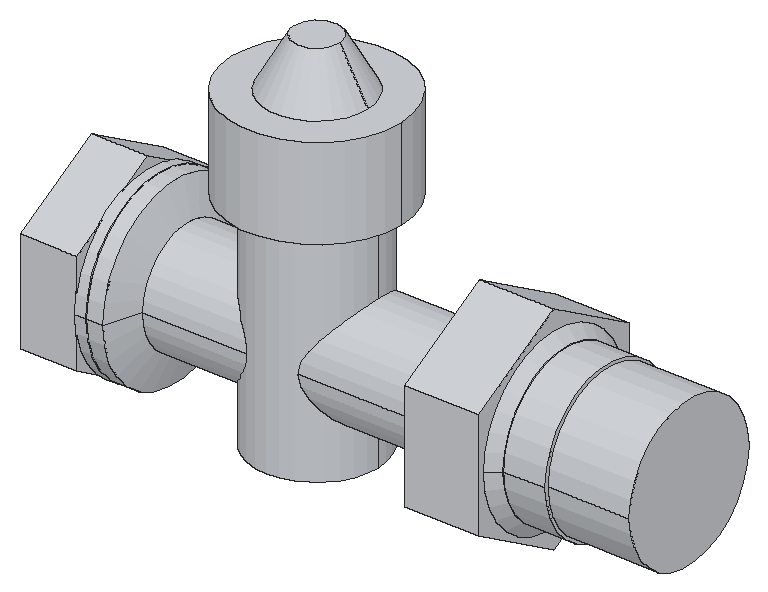
Revit family "Vario-DP_přímý_DN020_RFA_2019", category Pipe Accessories, Revit 2019
Family settings
  Round Connector Dimension = Use Diameter
  Part Type = Valve - Breaks Into
  Work Plane-Based = No
  Always vertical = Yes
  Cut with Voids When Loaded = No
  Shared = No
Parameters (values of type "Vario-DP přímý DN20")
  magiProductId = "65e4e24176f04ec8add0c08a0806a3"
  magiProductFamilyId = "9a3b6d3dc30f4d82b1fd8b50564aa5"
  magiPartTypeId = 303
  ang2D [instance] = 0.00°
  Z1 = 7 mm
  W2D = 20 mm
  VersionID = "2.0/2021.2.17.1/FRESE_RADCON_RAD_LO_SHI_S_201"
  VIS0 = no
  Use Minimum Symbol Size [instance] = no
  URL = "www.hydronix.cz"
  Type Comments = "Termostatický radiátorový ventil s integrovaným omezovačem průtoku; přímý; závitový, PN10; +0~+90°C; pracovní dp 15-70kPa; max. síla pohonu 120N; připojení hlavice: M30x1,5"
  TL__ve = -TL  # -14.5 mm
  TL = 14.5 mm
  SW_2 = no
  SW_1 = yes
  SW2_LLDONLY = and(SW2, LLDONLY)  # no
  SW2_LLDAndHLD = and(SW2, LLDAndHLD)  # no
  SW2_ENBL350 = and(SW2, ENBL350)  # no
  SW22 = no
  SW2 = no
  SW1_LLDONLY = and(SW1, LLDONLY)  # yes
  SW1_ENBL350 = and(SW1, ENBL350)  # no
  SW11 = no
  SW1 = yes
  SW = yes
  RT_1 = 16.2 mm
  RT_01 = 7.5 mm
  RT_0 = 9 mm
  RTX = 6.2 mm
  RT4 = 13.7 mm
  RT22 = 19.2 mm
  RT2 = 11 mm
  RT1 = 18.2 mm
  RT0X = 8.5 mm
  RT02 = 15.7 mm
  RT01 = 9 mm
  RT00 = 6 mm
  RT0 = 10 mm
  RT = 13.2 mm
  RR = 5 mm
  QmdConnectorList = "301;D;302;D"
  Productdata [instance] = ""
  Manufacturer = "Hydronix"
  MC Use Limits From Balancing Method = no
  MC Throttling Minimum Value = 0
  MC Throttling Maximum Value = 0
  MC Product Code = "VARIO-DP; přímý DN20; (obj.č.: 161030100); dpmin=15kPa; dpmax: 70kPa;; rozsah nastavení 20-340l/h"
  MC Pressure Drop Minimum Value = 0.0 Pa
  MC Pressure Drop Maximum Value = 0.0 Pa
  MC Enable LOD 350 = no
  MC Enable LOD 200 = no
  L_2 = 45.75 mm
  L_ = 91.5 mm
  LT = 106 mm
  LP = 9.15 mm
  LLDONLY = not(BBVIS)  # yes
  LLDAndHLD = and(or(LLDONLY, MC Enable LOD 350), not(BBVIS))  # yes
  L2D_Min = 30.48 mm
  L2D = 91.5 mm
  L22__ve = -L22  # -13 mm
  L22 = 13 mm
  L2 = 10 mm
  L1__ve = -L1  # -7.5 mm
  L1 = 7.5 mm
  L = 91.5 mm
  HS = 16.25 mm
  H = 23 mm
  ENBL350 = and(MC Enable LOD 350, not(BBVIS))  # no
  Description = "Termostatický radiátorový ventil s omezovačem max. průtoku; DN20; rozsah nastavení omezovače max. průtok: 20-340l/h"
  DT = 26.4 mm
  DS3 = 4 mm
  DS2 = 9 mm
  DS1 = 15 mm
  D = 20 mm
  CenSd_RT22_6 = RT22 * cos(30.00°)  # 16.628 mm
  CenSd_RT1_6 = RT1 * cos(30.00°)  # 15.762 mm
  CenSd_RT0X_6 = RT0X * cos(30.00°)  # 7.361 mm
  CAT0 = yes
  CAT = no
  C = 40 mm
  BZ = 48 mm
  BY = 19.2 mm
  BBVIS = MC Enable LOD 200  # no
Types (3, lengths in mm): name | magiProductId | Z1 | W2D | TL__ve | TL | RT_1 | RTX | RT4 | RT22 | RT1 | RT02 | RT | MC Product Code | L_2 | L_ | LT | LP | L2D | L | Description | DT | D | CenSd_RT22_6 | CenSd_RT1_6 | C | BY
  Vario-DP přímý DN10 | "cff3df26e6cf48da84c7a4aeae022f" | 4 | 10 | -10.1 | 10.1 | 11.35 | 1.35 | 8.85 | 14.35 | 13.35 | 12.35 | 8.35 | "VARIO-DP; přímý DN10; (obj.č.: 161010100); dpmin=15kPa; dpmax: 70kPa;; rozsah nastavení 20-340l/h" | 37.5 | 75 | 85 | 7.5 | 75 | 75 | "Termostatický radiátorový ventil s omezovačem max. průtoku; DN10; rozsah nastavení omezovače max. průtok: 20-340l/h" | 16.7 | 10 | 12.427 | 11.561 | 32 | 16
  Vario-DP přímý DN20 | "65e4e24176f04ec8add0c08a0806a3" | 7 | 20 | -14.5 | 14.5 | 16.2 | 6.2 | 13.7 | 19.2 | 18.2 | 15.7 | 13.2 | "VARIO-DP; přímý DN20; (obj.č.: 161030100); dpmin=15kPa; dpmax: 70kPa;; rozsah nastavení 20-340l/h" | 45.75 | 91.5 | 106 | 9.15 | 91.5 | 91.5 | "Termostatický radiátorový ventil s omezovačem max. průtoku; DN20; rozsah nastavení omezovače max. průtok: 20-340l/h" | 26.4 | 20 | 16.628 | 15.762 | 40 | 19.2
  Vario-DP přímý DN15 | "86c7649ae082497d8c558b15a6d69e" | 5 | 15 | -13.2 | 13.2 | 13.5 | 3.5 | 11 | 16.5 | 15.5 | 14.5 | 10.5 | "VARIO-DP; přímý DN15; (obj.č.: 161020100); dpmin=15kPa; dpmax: 70kPa;; rozsah nastavení 20-340l/h" | 40.9 | 81.8 | 95 | 8.18 | 81.8 | 81.8 | "Termostatický radiátorový ventil s omezovačem max. průtoku; DN15; rozsah nastavení omezovače max. průtok: 20-340l/h" | 21 | 15 | 14.289 | 13.423 | 36 | 16
Reference planes
  plane 1 "Center (Front/Back)": y = 0
  plane 2 "XYPLANE": z = 0
  plane 3 "Center (Left/Right)": x = 0
  plane 4 "196": z = -17
  plane 5 "195": z = -10
  plane 6 "194": x = -16.75
  plane 7 "193": x = -10.75
  plane 8 "186": x = -33.75
  plane 9 "179": y = 16.2
  plane 10 "178": y = 10
  plane 11 "177": x = -28.75
  plane 12 "176": x = -30.75
  plane 13 "175": x = -35.75
  plane 14 "173": x = 0
  plane 15 "172": x = -45.75
  plane 16 "170": z = 18
  plane 17 "152": z = 48
  plane 18 "139": z = 2
  plane 19 "129": z = 13
  plane 20 "116": z = 39.25
  plane 21 "73": y = -19.2
  plane 22 "72": y = 19.2
  plane 23 "68": z = 48
  plane 24 "54": z = 20
  plane 25 "41": z = 23
  plane 26 "36": x = 45.75
  plane 27 "34": x = 21.25
  plane 28 "33": x = 23.25
  plane 29 "24": x = 36.25
  plane 30 "23": x = 38.25
  plane 31 "9": x = 45.75
  plane 32 "8": x = 60.25
  plane 33 "7": z = -19.2
  plane 34 "3": y = 0
  plane 35 "2": x = -5.75
  plane 36 "1": z = 0
Forms (mm)
  Blend 1, solid, visible <- "LLDAndHLD"
    base sketch origin (-28.75, -750, 0) x (0, 1, 0) y (0, 0, 1)
      loop
        circle (750, 0) r 10
    top sketch origin (-28.75, -750, 0) x (0, 1, 0) y (0, 0, 1)
      loop
        circle (750, 0) r 10
    from 0 to 50
  Extrusion 2, solid, visible <- "ENBL350"
    sketch origin (-750, 0, -17) x (1, 0, 0) y (0, 1, 0)
      loop
        circle (744.25, 0) r 5
    from 0 to 7 <- "Z1"
  Revolve 3, solid, visible <- "ENBL350"
    sketch origin (-10.5, 0, 0) x (0, 0, 1) y (1, 0, 0)
      loop
        line (0, -0.25) -> (-17, -0.25)
        arc (-17, -0.25) -> (-10.164, -7.965) -> (0, -6.25) r 10.625
        line (0, -6.25) -> (0, -0.25)
      axis (-17, 4.75) -> (0, 4.75)
    angle from 0 to -360
  Blend 4, solid, visible <- "LLDAndHLD"
    base sketch origin (-35.75, -750, 0) x (0, 1, 0) y (0, 0, 1)
      loop
        circle (750, 0) r 16.2
    top sketch origin (-35.75, -750, 0) x (0, 1, 0) y (0, 0, 1)
      loop
        circle (750, 0) r 16.2
    from 0 to 2
  Blend 5, solid, visible <- "SW2_ENBL350"
    base sketch origin (-750, 0, 20) x (1, 0, 0) y (0, 1, 0)
      loop
        circle (744.25, 0) r 7.5
    top sketch origin (-750, 0, 20) x (1, 0, 0) y (0, 1, 0)
      loop
        circle (744.25, 0) r 10
    from 0 to -2
  Blend 6, solid, visible <- "SW1_ENBL350"
    base sketch origin (-750, 0, 23) x (1, 0, 0) y (0, 1, 0)
      loop
        circle (744.25, 0) r 11
    top sketch origin (-750, 0, 23) x (1, 0, 0) y (0, 1, 0)
      loop
        circle (744.25, 0) r 11
    from 0 to -23
  Revolve 7, solid, visible <- "LLDAndHLD"
    sketch origin (-25.5, 10, 0) x (1, 0, 0) y (0, 1, 0)
      loop
        line (-8.25, 0) -> (-3.25, 0) -> (-5.25, 6.2) -> (-8.25, 6.2) -> (-8.25, 0)
      axis (-3.25, -10) -> (-8.25, -10)
    angle from 0 to -360
  Blend 8, solid, visible <- "SW2_LLDONLY"
    base sketch origin (-750, 0, -17) x (1, 0, 0) y (0, 1, 0)
      loop
        circle (744.25, 0) r 10
    top sketch origin (-750, 0, -17) x (1, 0, 0) y (0, 1, 0)
      loop
        circle (744.25, 0) r 10
    from 0 to 37
  Blend 9, solid, visible <- "SW2_ENBL350"
    base sketch origin (-750, 0, 13) x (1, 0, 0) y (0, 1, 0)
      loop
        circle (744.25, 0) r 9
    top sketch origin (-750, 0, 13) x (1, 0, 0) y (0, 1, 0)
      loop
        circle (744.25, 0) r 9
    from 0 to -11
  Extrusion 10, solid, visible <- "SW2_ENBL350"
    sketch origin (-750, 0, 18) x (1, 0, 0) y (0, 1, 0)
      loop
        circle (744.25, 0) r 10
    from 0 to -5
  Extrusion 11, solid, visible <- "SW2_LLDAndHLD"
    sketch origin (-750, 0, 23) x (1, 0, 0) y (0, 1, 0)
      loop
        line (752.75, 0) -> (748.5, 7.361) -> (740, 7.361) -> (735.75, 0) -> (740, -7.361) -> (748.5, -7.361) -> (752.75, 0)
    from 0 to -3
  Blend 12, solid, visible <- "SW1_LLDONLY"
    base sketch origin (-750, 0, -17) x (1, 0, 0) y (0, 1, 0)
      loop
        circle (744.25, 0) r 11
    top sketch origin (-750, 0, -17) x (1, 0, 0) y (0, 1, 0)
      loop
        circle (744.25, 0) r 11
    from 0 to 40
  Blend 13, solid, visible <- "SW1_LLDONLY"
    base sketch origin (-750, 0, 48) x (1, 0, 0) y (0, 1, 0)
      loop
        circle (744.25, 0) r 4
    top sketch origin (-750, 0, 48) x (1, 0, 0) y (0, 1, 0)
      loop
        circle (744.25, 0) r 9
    from 0 to -8.75
  Blend 14, solid, visible <- "BBVIS"
    base sketch origin (-750, 0, 48) x (1, 0, 0) y (0, 1, 0)
      loop
        line (704.25, -19.2) -> (810.25, -19.2) -> (810.25, 19.2) -> (704.25, 19.2) -> (704.25, -19.2)
    top sketch origin (-750, 0, 48) x (1, 0, 0) y (0, 1, 0)
      loop
        line (704.25, -19.2) -> (810.25, -19.2) -> (810.25, 19.2) -> (704.25, 19.2) -> (704.25, -19.2)
    from 0 to -67.2
  Extrusion 15, solid, visible <- "SW1_LLDONLY"
    sketch origin (-750, 0, 23) x (1, 0, 0) y (0, 1, 0)
      loop
        circle (744.25, 0) r 15
    from 0 to 16.25 <- "HS"
  Extrusion 16, solid, visible <- "LLDAndHLD"
    sketch origin (60.25, -750, 0) x (0, 1, 0) y (0, 0, 1)
      loop
        circle (750, 0) r 13.2
    from 0 to -14.5 <- "TL__ve"
  Blend 17, solid, visible <- "LLDAndHLD"
    base sketch origin (23.25, -750, 0) x (0, 1, 0) y (0, 0, 1)
      loop
        circle (750, 0) r 15.7
    top sketch origin (23.25, -750, 0) x (0, 1, 0) y (0, 0, 1)
      loop
        circle (750, 0) r 10
    from 0 to -2
  Extrusion 18, solid, visible <- "LLDAndHLD"
    sketch origin (36.25, -750, 0) x (0, 1, 0) y (0, 0, 1)
      loop
        line (750, 19.2) -> (733.372, 9.6) -> (733.372, -9.6) -> (750, -19.2) -> (766.628, -9.6) -> (766.628, 9.6) -> (750, 19.2)
    from 0 to -13 <- "L22__ve"
  Blend 19, solid, visible <- "LLDAndHLD"
    base sketch origin (38.25, -750, 0) x (0, 1, 0) y (0, 0, 1)
      loop
        circle (750, 0) r 13.7
    top sketch origin (38.25, -750, 0) x (0, 1, 0) y (0, 0, 1)
      loop
        circle (750, 0) r 15.7
    from 0 to -2
  Extrusion 20, solid, visible <- "LLDAndHLD"
    sketch origin (45.75, -750, 0) x (0, 1, 0) y (0, 0, 1)
      loop
        circle (750, 0) r 13.7
    from 0 to -7.5 <- "L1__ve"
  Extrusion 21, solid, visible <- "LLDAndHLD"
    sketch origin (-45.75, -750, 0) x (0, 1, 0) y (0, 0, 1)
      loop
        line (750, -18.2) -> (765.762, -9.1) -> (765.762, 9.1) -> (750, 18.2) -> (734.238, 9.1) -> (734.238, -9.1) -> (750, -18.2)
    from 0 to 10 <- "L2"
  Extrusion 22, solid, not visible
    sketch origin (-45.75, -750, 0) x (0, 1, 0) y (0, 0, 1)
      loop
        circle (750, 0) r 10
    from 0 to 10
  Extrusion 23, solid, not visible
    sketch origin (45.75, -750, 0) x (0, 1, 0) y (0, 0, 1)
      loop
        circle (750, 0) r 10
    from 0 to -10
Lines and regions (mm)
  reference lines, not visible
    curve 1: circle (2, 2, 0) r 1 normal (0, 0, 1)
  reference lines
    curve 2: line (-16.75, 0, 0) -> (-10.75, 0, -17)
    curve 3: line (-5.75, 0, 23) -> (-7.875, 3.681, 23)
    curve 4: line (-5.75, 0, 23) -> (-10, 0, 23)
    curve 5: line (-5.75, 0, 23) -> (-7.875, -3.681, 23)
    curve 6: line (36.25, 0, 0) -> (36.25, 6.214, -3.588)
    curve 7: line (36.25, 0, 0) -> (36.25, 0, -7.175)
    curve 8: line (36.25, 0, 0) -> (36.25, -6.214, -3.588)
    curve 9: line (-45.75, 0, 0) -> (-45.75, 5.781, 3.338)
    curve 10: line (-45.75, 0, 0) -> (-45.75, 0, 6.675)
    curve 11: line (-45.75, 0, 0) -> (-45.75, -5.781, 3.338)
Dimensions and locks
  plane 1 "Center (Front/Back)" to curve 1 = 2 mm
  "Z1": plane 5 "195" to plane 4 "196"
  "RT0": plane 36 "1" to plane 5 "195"
  "RT00": plane 7 "193" to plane 6 "194"
  locked: plane 35 "2" to plane 7 "193" at 5
  locked: plane 13 "175" to plane 8 "186" at 2
  "RTX": plane 10 "178" to plane 9 "179"
  "RT0": plane 34 "3" to plane 10 "178"
  locked: plane 12 "176" to plane 11 "177" at 2
  locked: plane 8 "186" to plane 12 "176" at 3
  "L2": plane 15 "172" to plane 13 "175"
  locked: plane 3 "Center (Left/Right)" to plane 14 "173"
  "L_2": plane 14 "173" to plane 15 "172"
  locked: plane 24 "54" to plane 16 "170" at 2
  "BZ": plane 36 "1" to plane 17 "152"
  locked: plane 36 "1" to plane 18 "139" at 2
  locked: plane 16 "170" to plane 19 "129" at 5
  locked: plane 23 "68" to plane 20 "116" at 8.75
  "BY": plane 34 "3" to plane 21 "73"
  "BY": plane 34 "3" to plane 22 "72"
  locked: plane 25 "41" to plane 23 "68" at 25
  locked: plane 25 "41" to plane 24 "54" at 3
  "H": plane 36 "1" to plane 25 "41"
  "L_": plane 15 "172" to plane 26 "36"
  locked: plane 28 "33" to plane 27 "34" at 2
  "L22": plane 29 "24" to plane 28 "33"
  locked: plane 30 "23" to plane 29 "24" at 2
  "L1": plane 31 "9" to plane 30 "23"
  "TL": plane 32 "8" to plane 31 "9"
  "LT": plane 15 "172" to plane 32 "8"
  "RT22": plane 36 "1" to plane 33 "7"
  locked: plane 1 "Center (Front/Back)" to plane 34 "3"
  "C": plane 15 "172" to plane 35 "2"
  locked: plane 2 "XYPLANE" to plane 36 "1"
  "RR": curve 2 to Revolve 3 sketch curve
  Revolve 3 sketch curve to Revolve 3 sketch curve = 0 mm  (x6)
  Revolve 7 sketch curve to Revolve 7 sketch curve = 0 mm  (x8)
  "CenSd_RT0X_6": curve 3 to Extrusion 11 sketch curve  (x2)
  "CenSd_RT0X_6": curve 4 to Extrusion 11 sketch curve  (x2)
  "CenSd_RT0X_6": curve 5 to Extrusion 11 sketch curve  (x2)
  Extrusion 11 sketch curve to Extrusion 11 sketch curve = 0 mm  (x12)
  Blend 14 sketch curve to Blend 14 sketch curve = 0 mm  (x16)
  "CenSd_RT22_6": curve 6 to Extrusion 18 sketch curve  (x2)
  "CenSd_RT22_6": curve 7 to Extrusion 18 sketch curve  (x2)
  "CenSd_RT22_6": curve 8 to Extrusion 18 sketch curve  (x2)
  Extrusion 18 sketch curve to Extrusion 18 sketch curve = 0 mm  (x12)
  "CenSd_RT1_6": curve 9 to Extrusion 21 sketch curve  (x2)
  "CenSd_RT1_6": curve 10 to Extrusion 21 sketch curve  (x2)
  "CenSd_RT1_6": curve 11 to Extrusion 21 sketch curve  (x2)
  Extrusion 21 sketch curve to Extrusion 21 sketch curve = 0 mm  (x12)
  "RT0": radius of Blend 1 sketch curve  (x2)
  "RR": radius of Extrusion 2 sketch curve
  "RT_1": radius of Blend 4 sketch curve  (x2)
  "RT0": radius of Blend 5 sketch curve
  "RT_01": radius of Blend 5 sketch curve
  "RT2": radius of Blend 6 sketch curve  (x2)
  "RT0": radius of Blend 8 sketch curve  (x2)
  "RT01": radius of Blend 9 sketch curve
  "RT_0": radius of Blend 9 sketch curve
  "RT0": radius of Extrusion 10 sketch curve
  "RT2": radius of Blend 12 sketch curve  (x2)
  "DS2": radius of Blend 13 sketch curve
  "DS3": radius of Blend 13 sketch curve
  "DS1": radius of Extrusion 15 sketch curve
  "RT": radius of Extrusion 16 sketch curve
  "RT0": radius of Blend 17 sketch curve
  "RT02": radius of Blend 17 sketch curve
  "RT02": radius of Blend 19 sketch curve
  "RT4": radius of Blend 19 sketch curve
  "RT4": radius of Extrusion 20 sketch curve
  locked: curve 4 to curve 3 (angle 60.00°)
  locked: curve 5 to curve 4 (angle 60.00°)
  locked: curve 5 to curve 3 (angle 120.00°)
  locked: curve 7 to curve 6 (angle 60.00°)
  locked: curve 8 to curve 7 (angle 60.00°)
  locked: curve 8 to curve 6 (angle 120.00°)
  locked: curve 10 to curve 9 (angle 60.00°)
  locked: curve 11 to curve 10 (angle 60.00°)
  locked: curve 11 to curve 9 (angle 120.00°)
  aligned and locked: level to plane 2 "XYPLANE"
  aligned and locked: Blend 1 sketch curve to plane 34 "3"  (x2)
  aligned and locked: plane 36 "1" to Blend 1 sketch curve  (x2)
  aligned and locked: plane 27 "34" to Blend 1
  aligned and locked: plane 34 "3" to Extrusion 2 sketch curve
  aligned and locked: plane 35 "2" to Extrusion 2 sketch curve
  aligned and locked: plane 36 "1" to Revolve 3 sketch curve  (x2)
  aligned and locked: Revolve 3 sketch curve to plane 7 "193"  (x2)
  aligned and locked: Revolve 3 sketch curve to plane 6 "194"
  aligned and locked: curve 2 to plane 6 "194"
  aligned and locked: plane 36 "1" to curve 2
  aligned and locked: plane 4 "196" to curve 2
  aligned and locked: curve 2 to plane 7 "193"
  aligned and locked: plane 4 "196" to Revolve 3 sketch curve  (x2)
  aligned and locked: Revolve 3 sketch curve to plane 35 "2"
  aligned and locked: Blend 4 sketch curve to plane 34 "3"  (x2)
  aligned and locked: plane 36 "1" to Blend 4 sketch curve  (x2)
  aligned and locked: plane 8 "186" to Blend 4
  aligned and locked: plane 34 "3" to Blend 5 sketch curve  (x2)
  aligned and locked: plane 35 "2" to Blend 5 sketch curve  (x2)
  aligned and locked: Blend 5 to plane 16 "170"
  aligned and locked: plane 34 "3" to Blend 6 sketch curve  (x2)
  aligned and locked: plane 35 "2" to Blend 6 sketch curve  (x2)
  aligned and locked: Blend 6 to plane 36 "1"
  aligned and locked: plane 8 "186" to Revolve 7 sketch curve  (x3)
  aligned and locked: plane 10 "178" to Revolve 7 sketch curve  (x2)
  aligned and locked: plane 9 "179" to Revolve 7 sketch curve  (x2)
  aligned and locked: plane 12 "176" to Revolve 7 sketch curve
  aligned and locked: plane 11 "177" to Revolve 7 sketch curve  (x2)
  aligned and locked: plane 34 "3" to Blend 8 sketch curve  (x2)
  aligned and locked: plane 35 "2" to Blend 8 sketch curve  (x2)
  aligned and locked: plane 24 "54" to Blend 8
  aligned and locked: plane 34 "3" to Blend 9 sketch curve  (x2)
  aligned and locked: plane 35 "2" to Blend 9 sketch curve  (x2)
  aligned and locked: Blend 9 to plane 18 "139"
  aligned and locked: plane 34 "3" to Extrusion 10 sketch curve
  aligned and locked: plane 35 "2" to Extrusion 10 sketch curve
  aligned and locked: plane 34 "3" to curve 5
  aligned and locked: plane 35 "2" to curve 5
  aligned and locked: plane 34 "3" to Blend 12 sketch curve  (x2)
  aligned and locked: plane 35 "2" to Blend 12 sketch curve  (x2)
  aligned and locked: plane 25 "41" to Blend 12
  aligned and locked: plane 34 "3" to Blend 13 sketch curve  (x2)
  aligned and locked: plane 35 "2" to Blend 13 sketch curve  (x2)
  aligned and locked: Blend 13 to plane 20 "116"
  aligned and locked: plane 15 "172" to Blend 14 sketch curve  (x4)
  aligned and locked: plane 21 "73" to Blend 14 sketch curve  (x4)
  aligned and locked: plane 22 "72" to Blend 14 sketch curve  (x4)
  aligned and locked: plane 32 "8" to Blend 14 sketch curve  (x4)
  aligned and locked: Blend 14 to plane 33 "7"
  aligned and locked: plane 34 "3" to Extrusion 15 sketch curve
  aligned and locked: plane 35 "2" to Extrusion 15 sketch curve
  aligned and locked: Extrusion 16 sketch curve to plane 34 "3"
  aligned and locked: plane 36 "1" to Extrusion 16 sketch curve
  aligned and locked: Blend 17 sketch curve to plane 34 "3"  (x2)
  aligned and locked: plane 36 "1" to Blend 17 sketch curve  (x2)
  aligned and locked: Blend 17 to plane 27 "34"
  aligned and locked: curve 8 to plane 34 "3"
  aligned and locked: plane 36 "1" to curve 8
  aligned and locked: Blend 19 sketch curve to plane 34 "3"  (x2)
  aligned and locked: plane 36 "1" to Blend 19 sketch curve  (x2)
  aligned and locked: Blend 19 to plane 29 "24"
  aligned and locked: Extrusion 20 sketch curve to plane 34 "3"
  aligned and locked: plane 36 "1" to Extrusion 20 sketch curve
  aligned and locked: curve 11 to plane 34 "3"
  aligned and locked: plane 36 "1" to curve 11
  aligned and locked: Extrusion 22 sketch curve to plane 34 "3"
  aligned and locked: plane 36 "1" to Extrusion 22 sketch curve
  aligned and locked: Extrusion 23 sketch curve to plane 34 "3"
  aligned and locked: plane 36 "1" to Extrusion 23 sketch curve
  aligned and locked: plane 34 "3" to nested 1
  aligned and locked: plane 35 "2" to nested 1
Automatic sketch dimensions
  plane 1 "Center (Front/Back)" to Revolve 7 sketch curve = 0 mm
  Extrusion 22 sketch curve to plane 10 "178" = 0 mm
  Extrusion 23 sketch curve to plane 10 "178" = 0 mm
  plane 3 "Center (Left/Right)" to curve 1 = 2 mm
  radius of curve 1 = 1 mm
Nested families
  nested 1: "0_2" at (-5.75, 0, 23) x (0, -1, 0) z (0, 0, 1), visible <- "SW1", type "Size1"
    with VIS0 no, ModelLinesVisible no, H33 11.35 mm, H3 11.25 mm, H2 8.75 mm, H1 5 mm, H 25 mm, DX 13 mm, D3 4 mm, D2 9 mm, D1 15 mm, D 16 mm, CAT no
Connectors
  piping at (-45.75, 0, 0), diameter 20, driven by "D"
    settings: on Extrusion 22, index 1, connector inside diameter 609.6 mm, connector length 0 mm, flow factor 0, pipe flow 0.0 L/s, pressure drop 0.0 Pa, fitting loss kfactor 0, connector angle 0.00°, fixture units 0, engagement length 0 mm, angle of deflection 0.00°, flow configuration 0, flow direction 0, fitting loss method 0, system type 29, joint type 0, gender type 0, connector reference index 2, connector utility 0, adjustable connector no, is connector primary yes, connector description ""
  piping at (45.75, 0, 0), diameter 20, driven by "D"
    settings: on Extrusion 23, index 2, connector inside diameter 609.6 mm, connector length 0 mm, flow factor 0, pipe flow 0.0 L/s, pressure drop 0.0 Pa, fitting loss kfactor 0, connector angle 0.00°, fixture units 0, engagement length 0 mm, angle of deflection 0.00°, flow configuration 0, flow direction 0, fitting loss method 0, system type 29, joint type 0, gender type 0, connector reference index 1, connector utility 0, adjustable connector no, is connector primary no, connector description ""
